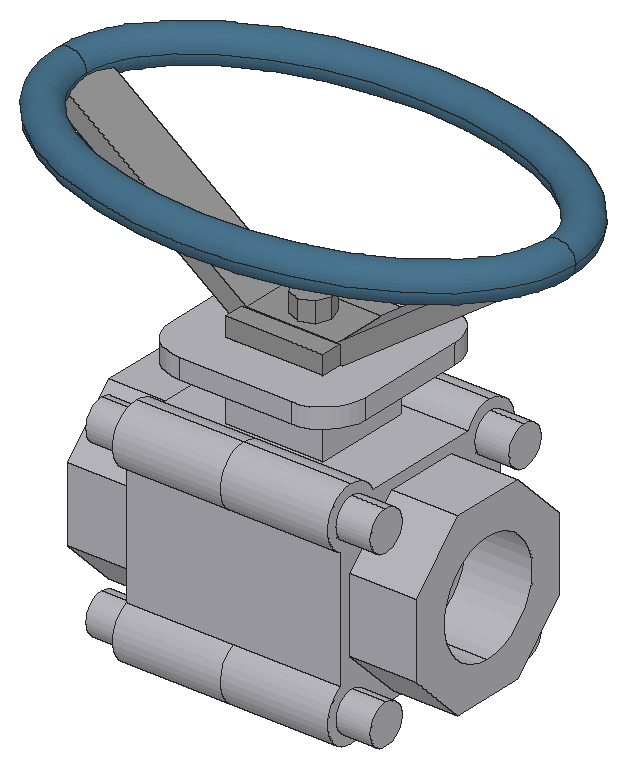
Revit family "320AOH-Ball-Valve", category Pipe Accessories, Revit 2018
Family settings
  Round Connector Dimension = Use Diameter
  Part Type = Valve - Breaks Into
  OmniClass Number = 23.60.30.11.14
  OmniClass Title = Pipework Fittings
  Work Plane-Based = No
  Always vertical = Yes
  Cut with Voids When Loaded = No
  Shared = No
Parameters
  Z4 [instance] = size_lookup(LookupTable, "Z4", 0.000", Nominal Diameter)  # 0.920"
  Z3 [instance] = size_lookup(LookupTable, "Z3", 0.000", Nominal Diameter)  # 0.200"
  Weight [instance] = size_lookup(LookupTable, "Weight", "NA", Nominal Diameter)  # "4.59 lbs."
  URL = "http://www.fnw.com"
  Standards Lookup Table = "Standards"  # constant formula
  R3 [instance] = size_lookup(LookupTable, "R3", 0.000", Nominal Diameter)  # 1.24451"
  Product ID Handle [instance] = size_lookup(LookupTable, "ProductIDHandle", "NA", Nominal Diameter)  # "4448711"
  Product ID [instance] = size_lookup(LookupTable, "ProductID", "NA", Nominal Diameter)  # "4106062"
  Pipe Diameter [instance] = size_lookup(Standards Lookup Table, "copper", 0.000", Nominal Diameter)  # 1.125"
  Pins [instance] = Lm / 2  # 0.880"
  Pin Length [instance] = X2 * 4 + X3  # 2.8824"
  Pin Diameter [instance] = size_lookup(LookupTable, "m", 0.000", Nominal Diameter)  # 0.400"
  Pin Bung [instance] = Pin Diameter * 1.5  # 0.600"
  Part Number Handle [instance] = size_lookup(LookupTable, "PartNumberHandle", "NA", Nominal Diameter)  # "FNW320AOHGH"
  Part Number [instance] = size_lookup(LookupTable, "PartNumber", "NA", Nominal Diameter)  # "FNW320AG"
  PIpe Radius [instance] = Pipe Diameter / 2  # 0.5625"
  NPT Insert [instance] = size_lookup(Standards Lookup Table, "NPT_insert", 0.000", Nominal Diameter)  # 0.6828"
  Manufacturer = "FNW"  # constant formula
  Lm [instance] = size_lookup(LookupTable, "lm", 0.000", Nominal Diameter)  # 1.760"
  Grip Pin4 [instance] = X3 / 2 + (X2 * 2)  # 1.4412"
  Gear [instance] = D3_Half - 0.063"  # 0.4295"
  Description BOM Handle [instance] = size_lookup(LookupTable, "Description_BOMHandle", "NA", Nominal Diameter)  # "1 - 1-1/4 OVAL Handle Kit 320A BV"
  Description BOM [instance] = size_lookup(LookupTable, "Description_BOM", "NA", Nominal Diameter)  # "1 Stainless Steel 2000# Threaded 3 Piece Full Port BV"
  Z2 [instance] = size_lookup(LookupTable, "Z2", 0.000", Nominal Diameter)  # 0.300"
  Z1 [instance] = size_lookup(LookupTable, "Z1", 0.000", Nominal Diameter)  # 1.290"
  X3 [instance] = size_lookup(LookupTable, "X3", 0.000", Nominal Diameter)  # 1.4664"
  X2 [instance] = size_lookup(LookupTable, "X2", 0.000", Nominal Diameter)  # 0.354"
  X1 [instance] = size_lookup(LookupTable, "X1", 0.000", Nominal Diameter)  # 0.6828"
  Show Lever Clearance [instance] = no
  R2 [instance] = size_lookup(LookupTable, "R2", 0.000", Nominal Diameter)  # 1.04451"
  R1_Diam [instance] = R1 * 2  # 1.810"
  R1 [instance] = size_lookup(LookupTable, "R1", 0.000", Nominal Diameter)  # 0.905"
  Nominal Radius [instance] = Nominal Diameter / 2  # 0.500"
  Nominal Diameter [instance] = 1.000"
  LookupTable = "320AOH-Ball-Valve"  # constant formula
  HexAngle1 [instance] = 135.00°
  D4 [instance] = size_lookup(LookupTable, "D4", 0.000", Nominal Diameter)  # 0.4375"
  D3_Half [instance] = D3 / 2  # 0.4925"
  D3 [instance] = size_lookup(LookupTable, "D3", 0.000", Nominal Diameter)  # 0.985"
  D2_Half [instance] = D2 / 2  # 0.73875"
  D2 [instance] = size_lookup(LookupTable, "D2", 0.000", Nominal Diameter)  # 1.4775"
  D1_Half [instance] = D1 / 2  # 0.985"
  D1 [instance] = size_lookup(LookupTable, "D1", 0.000", Nominal Diameter)  # 1.970"
  Body_W [instance] = Lm / 2 + 0.125"  # 1.005"
  3_Z3 [instance] = size_lookup(LookupTable, "3_Z3", 0.000", Nominal Diameter)  # 1.4525"
  3_Z1 [instance] = size_lookup(LookupTable, "3_Z1", 0.000", Nominal Diameter)  # 1.630"
  3_Y1 [instance] = size_lookup(LookupTable, "3_Y1", 0.000", Nominal Diameter)  # 2.990"
  3_X3 [instance] = size_lookup(LookupTable, "3_X3", 0.000", Nominal Diameter)  # 0.985"
  3_X1 [instance] = size_lookup(LookupTable, "3_X1", 0.000", Nominal Diameter)  # 4.960"
  3_L1 [instance] = size_lookup(LookupTable, "3_L1", 0.000", Nominal Diameter)  # 0.1875"
  3_D1 [instance] = size_lookup(LookupTable, "3_D1", 0.000", Nominal Diameter)  # 0.355"
Reference planes (in)
  plane 1 "Center (Front/Back)": y = 0
  plane 2: z = 0
  plane 3 "Center (Left/Right)": x = 0
  plane 4 "X7 End": x = -1.77
  plane 5: x = -0.7332
  plane 6: x = 0.7332
  plane 7: x = 1.77
  plane 8 "Pipe radius": z = 0.5625
  plane 9 "NPT": x = -1.0872
  plane 10: z = 0.905
  plane 11: z = 1.29
  plane 12: z = 1.59
  plane 13 "top of pad": z = 1.79
  plane 14: x = 1.0872
  plane 15: x = -1.0872
  plane 16: y = -0.88
  plane 17: z = -0.88
  plane 18: z = 0.88
  plane 19: y = 0.88
  plane 20: x = 10.098
  plane 21: x = -6.87
  plane 22: y = 2.5
  plane 23: y = -2.5
  plane 24: y = -0.88
  plane 25: z = -0.88
  plane 26: z = 0.88
  plane 27: y = 0.88
  plane 28: through (0, 0, 0) normal (0, 0.7071, -0.7071)
  plane 29: through (0, 0, 0) normal (0, 0.7071, 0.7071)
  plane 30: y = -0.88
  plane 31: y = 0.88
  plane 32: y = -1.465
  plane 33: z = -1.465
  plane 34: z = 1.465
  plane 35: y = 1.465
  plane 36 "Pin Plane": x = -1.4412
  plane 37 "NPT 3": x = 1.77
  plane 38: x = 1.4412
  plane 39: z = -1.27275
  plane 40 "LM": z = 1.27275
Forms (in)
  Extrusion 1, solid, material "Steel, Stainless", not visible
    sketch origin (-1.0872, 0, 0) x (0, 0, 1) y (0, -1, 0)
      loop
        circle (0, 0) r 0.5
    from 0 to 2.1744
  Extrusion 2, solid, material "Steel, Stainless"
    sketch origin (1.4276, 0, 0) x (0, 0, 1) y (0, -1, 0)
      loop
        line (-0.37486, -0.905) -> (0.37486, -0.905) -> (0.905, -0.37486) -> (0.905, 0.37486) -> (0.37486, 0.905) -> (-0.37486, 0.905) -> (-0.905, 0.37486) -> (-0.905, -0.37486) -> (-0.37486, -0.905)
      loop
        circle (0, 0) r 0.5625
    from -3.1976 to 0.3424
  Extrusion 3, solid, material "Steel, Stainless"
    sketch origin (0, 0, 0.865) x (-1, 0, 0) y (0, -1, 0)
      loop
        arc (0.56833, -0.985) -> (0.86296, -0.86296) -> (0.985, -0.56833) r 0.41667
        line (0.985, -0.56833) -> (0.985, 0.56833)
        arc (0.985, 0.56833) -> (0.86296, 0.86296) -> (0.56833, 0.985) r 0.41667
        line (0.56833, 0.985) -> (-0.56833, 0.985)
        arc (-0.56833, 0.985) -> (-0.86296, 0.86296) -> (-0.985, 0.56833) r 0.41667
        line (-0.985, 0.56833) -> (-0.985, -0.56833)
        arc (-0.985, -0.56833) -> (-0.86296, -0.86296) -> (-0.56833, -0.985) r 0.41667
        line (-0.56833, -0.985) -> (0.56833, -0.985)
      loop
        circle (0, 0) r 0.4925
      loop
        circle (0, 0) r 0.4295
    from 0.725 to 0.925
  Extrusion 4, solid, material "Steel, Stainless"
    sketch origin (0, 0, 0.865) x (-1, 0, 0) y (0, -1, 0)
      loop
        line (0.4925, -0.4925) -> (0.4925, 0.4925) -> (-0.4925, 0.4925) -> (-0.4925, -0.4925) -> (0.4925, -0.4925)
    from -0.3025 to 0.725
  Extrusion 5, solid, material "Steel, Stainless"
    sketch origin (0, 0, 0.865) x (-1, 0, 0) y (0, -1, 0)
      loop
        line (0.21875, -0.21875) -> (0.21875, 0.21875) -> (-0.21875, 0.21875) -> (-0.21875, -0.21875) -> (0.21875, -0.21875)
    from 0.425 to 0.925
  Extrusion 6, solid, material "Steel, Stainless"
    sketch origin (-1.0872, 0, 0) x (0, 0, 1) y (0, -1, 0)
      loop
        circle (0.88, 0.88) r 0.2
      loop
        circle (0.88, -0.88) r 0.2
      loop
        circle (-0.88, -0.88) r 0.2
      loop
        circle (-0.88, 0.88) r 0.2
    from -0.354 to 2.5284
  Extrusion 7, solid, material "Steel, Stainless"
    sketch origin (-1.0872, 0, 0) x (0, 0, 1) y (0, -1, 0)
      loop
        circle (0.88, -0.88) r 0.3
      loop
        circle (0.88, 0.88) r 0.3
      loop
        circle (-0.88, 0.88) r 0.3
      loop
        circle (-0.88, -0.88) r 0.3
    from 0 to 1.0872
  Extrusion 8, solid, material "Steel, Stainless"
    sketch origin (-1.0872, 0, 0) x (0, 0, 1) y (0, -1, 0)
      loop
        circle (0.88, -0.88) r 0.3
      loop
        circle (0.88, 0.88) r 0.3
      loop
        circle (-0.88, 0.88) r 0.3
      loop
        circle (-0.88, -0.88) r 0.3
    from 1.0872 to 2.1744
  Extrusion 9, solid, material "Steel, Stainless"
    sketch origin (-1.4412, 0, 0) x (0, 0, 1) y (0, -1, 0)
      loop
        line (1.005, -1.005) -> (1.005, 1.005) -> (-1.005, 1.005) -> (-1.005, -1.005) -> (1.005, -1.005)
    from 0.354 to 2.5284
Cuts and joins
  joined: Extrusion 7, Extrusion 8, Extrusion 9
Dimensions and locks (in)
  "PIpe Radius": plane 8 "Pipe radius" to plane 2
  "X1": plane 4 "X7 End" to plane 9 "NPT"
  "R1": Extrusion 2 sketch curve to plane 1 "Center (Front/Back)"
  "R1": plane 1 "Center (Front/Back)" to Extrusion 2 sketch curve  (x5)
  "R1": plane 2 to Extrusion 2 sketch curve  (x2)
  "R1": plane 10 to plane 2
  "Z1": plane 11 to plane 2
  "Z2": plane 12 to plane 11
  "Z3": plane 13 "top of pad" to plane 12
  "X2": plane 5 to plane 9 "NPT"
  "D1_Half": Extrusion 3 sketch curve to plane 3 "Center (Left/Right)"
  "D1_Half": plane 3 "Center (Left/Right)" to Extrusion 3 sketch curve
  "D1_Half": plane 1 "Center (Front/Back)" to Extrusion 3 sketch curve
  "D1_Half": Extrusion 3 sketch curve to plane 1 "Center (Front/Back)"
  "D3_Half": Extrusion 4 sketch curve to plane 3 "Center (Left/Right)"
  "D3_Half": plane 3 "Center (Left/Right)" to Extrusion 4 sketch curve
  "D3_Half": plane 1 "Center (Front/Back)" to Extrusion 4 sketch curve  (x2)
  "NPT Insert": plane 4 "X7 End" to plane 15
  equal spacing: Extrusion 5 sketch curve, plane 1 "Center (Front/Back)", Extrusion 5 sketch curve
  Extrusion 5 sketch curve to Extrusion 5 sketch curve = 0.4375"  (x2)
  equal spacing: Extrusion 5 sketch curve, plane 3 "Center (Left/Right)", Extrusion 5 sketch curve
  "Pins": plane 2 to plane 18
  "Pins": plane 2 to plane 17
  "Pins": plane 1 "Center (Front/Back)" to plane 16
  "Pins": plane 19 to plane 1 "Center (Front/Back)"
  equal spacing: plane 22, plane 1 "Center (Front/Back)", plane 23
  plane 22 to plane 23 = 5.000"
  "Pins": plane 27 to plane 1 "Center (Front/Back)" to plane 24
  "Pins": plane 25 to plane 2 to plane 26
  plane 31 to plane 30 = 1.760"
  equal spacing: plane 31, plane 1 "Center (Front/Back)", plane 30
  "Lm": plane 31 to plane 30
  plane 35 to plane 32 = 2.930"
  plane 33 to plane 34 = 2.930"
  "X2": plane 14 to plane 6
  "X2": plane 15 to plane 36 "Pin Plane"
  equal spacing: plane 6, plane 3 "Center (Left/Right)", plane 5
  "X3": plane 6 to plane 5
  "X1": plane 37 "NPT 3" to plane 14
  "Grip Pin4": Extrusion 6 to plane 3 "Center (Left/Right)"
  "X2": plane 38 to plane 14
  "NPT Insert": plane 7 to plane 14
  "Body_W": Extrusion 9 sketch curve to plane 2
  "Body_W": plane 1 "Center (Front/Back)" to Extrusion 9 sketch curve
  "Body_W": plane 2 to Extrusion 9 sketch curve
  "Body_W": Extrusion 9 sketch curve to plane 1 "Center (Front/Back)"
  "Nominal Radius": radius of Extrusion 1 sketch curve
  "PIpe Radius": radius of Extrusion 2 sketch curve
  radius of Extrusion 3 sketch curve = 0.41667"  (x4)
  "D3_Half": radius of Extrusion 3 sketch curve
  "Gear": radius of Extrusion 3 sketch curve
  "Pin Diameter": diameter of Extrusion 6 sketch curve  (x4)
  "Pin Bung": diameter of Extrusion 7 sketch curve  (x4)
  "Pin Bung": diameter of Extrusion 8 sketch curve  (x4)
  angle Extrusion 2 sketch curve to Extrusion 2 sketch curve = 135.00°  (x7)
  aligned and locked: plane 2 to level
  aligned and locked: plane 4 "X7 End" to Extrusion 2
  aligned and locked: Extrusion 3 to plane 12
  aligned and locked: plane 13 "top of pad" to Extrusion 3
  aligned and locked: Extrusion 4 to plane 8 "Pipe radius"
  aligned and locked: Extrusion 1 to plane 15
  aligned and locked: plane 12 to Extrusion 4
  aligned and locked: Extrusion 5 to plane 11
  aligned and locked: Extrusion 7 to plane 9 "NPT"
  aligned and locked: Extrusion 8 to Extrusion 1
  aligned and locked: plane 14 to Extrusion 8
  aligned and locked: Extrusion 2 to plane 37 "NPT 3"
  aligned and locked: plane 13 "top of pad" to Extrusion 5
  aligned and locked: Extrusion 6 to plane 36 "Pin Plane"
  aligned and locked: plane 3 "Center (Left/Right)" to Extrusion 7
  aligned and locked: Extrusion 8 to plane 3 "Center (Left/Right)"
  aligned and locked: Extrusion 9 to plane 9 "NPT"
  aligned and locked: Extrusion 9 to Extrusion 1
Automatic sketch dimensions
  Extrusion 1 sketch curve to level = 0.000"
  Extrusion 1 sketch curve to plane 1 "Center (Front/Back)" = 0.000"
  Extrusion 2 sketch curve to level = 0.000"
  Extrusion 2 sketch curve to plane 1 "Center (Front/Back)" = 0.000"
  Extrusion 3 sketch curve to Extrusion 3 sketch curve = 0.000"  (x2)
  plane 1 "Center (Front/Back)" to Extrusion 3 sketch curve = 0.000"
  Extrusion 3 sketch curve to plane 3 "Center (Left/Right)" = 0.000"
  Extrusion 6 sketch curve to plane 17 = 0.000"  (x2)
  Extrusion 6 sketch curve to plane 16 = 0.000"  (x2)
  plane 18 to Extrusion 6 sketch curve = 0.000"  (x2)
  Extrusion 6 sketch curve to plane 19 = 0.000"  (x2)
  Extrusion 7 sketch curve to plane 24 = 0.000"  (x2)
  Extrusion 7 sketch curve to plane 25 = 0.000"  (x2)
  plane 26 to Extrusion 7 sketch curve = 0.000"  (x2)
  Extrusion 7 sketch curve to plane 27 = 0.000"  (x2)
  plane 28 to Extrusion 8 sketch curve = 0.000"  (x2)
  Extrusion 8 sketch curve to plane 30 = 0.000"  (x2)
  plane 29 to Extrusion 8 sketch curve = 0.000"  (x2)
  Extrusion 8 sketch curve to plane 31 = 0.000"  (x2)
Nested families (in)
  nested 1: "Oval Handle 320AOH" at (0, 0, 1.79) x (-1, 0, 0) z (0, 0, 1), 3_D1 <- "3_D1", 3_L1 <- "3_L1", 3_X1 <- "3_X1", 3_X3 <- "3_X3", 3_Y1 <- "3_Y1", 3_Z1 <- "3_Z1", 3_Z3 <- "3_Z3", D3 <- "D3", Z3 <- "Z3", Description BOM <- "Description BOM Handle", Part Number <- "Part Number Handle", Product ID <- "Product ID Handle", type "Oval Handle 320AOH"
    with b 2.480", a 1.35375", Z3 0.200", Show Lever Clearance yes, Product ID "4448711", Part Number "FNW320AOHGH", Description BOM "1 - 1-1/4 OVAL Handle Kit 320A BV", D3 0.985", Center of Oval Handle 1.54125", Angle Hex Head 135.00°, 3_Z3 1.4525", 3_Z2 0.125", 3_Z1 1.630", 3_Y1 2.990", 3_X3 0.985", 3_X1 4.960", 3_L1_Half 0.09375", 3_L1 0.1875", 3_D1_Radius 0.1775", 3_D1 0.355"
Connectors (in)
  piping at (-1.0872, 0, 0), diameter 1, driven by "Nominal Diameter"
    settings: on Extrusion 1, index 1, connector inside diameter 24", connector length 0.000", flow factor 0, pipe flow 0 GPM, pressure drop 0.00 psi, fitting loss kfactor 0, connector angle 0.00°, fixture units 0, engagement length 0.000", angle of deflection 0.00°, flow configuration 0, flow direction 0, fitting loss method 0, system type 7, joint type 0, gender type 0, connector reference index 2, connector utility 0, adjustable connector no, is connector primary yes, connector description ""
  piping at (1.0872, 0, 0), diameter 1, driven by "Nominal Diameter"
    settings: on Extrusion 1, index 2, connector inside diameter 24", connector length 0.000", flow factor 0, pipe flow 0 GPM, pressure drop 0.00 psi, fitting loss kfactor 0, connector angle 0.00°, fixture units 0, engagement length 0.000", angle of deflection 0.00°, flow configuration 0, flow direction 0, fitting loss method 0, system type 7, joint type 0, gender type 0, connector reference index 1, connector utility 0, adjustable connector no, is connector primary no, connector description ""
Definition of nested family "Oval Handle 320AOH"
  Parameters (values of type "Oval Handle 320A")
    b [instance] = [3_X1] / 2  # 2.105"
    a [instance] = Center of Oval Handle - [3_L1]  # 1.34375"
    Z3 [instance] = 0.14279"
    Product ID [instance] = ""
    Part Number [instance] = ""
    Description BOM [instance] = ""
    D3 [instance] = 0.27676"
    Center of Oval Handle [instance] = ([3_Z1] - [3_Z3]) / 2 + ([3_Z3])  # 1.46875"
    Angle 2 = 45.00°  # constant formula
    Show Lever Clearance [instance] = yes
    Default Elevation = 48.000"
    Angle Hex Head [instance] = 135.00°  # constant formula
    3_Z3 [instance] = 1.3125"
    3_Z2 [instance] = 0.125"
    3_Z1 [instance] = 1.625"
    3_Y1 [instance] = 2.800"
    3_X3 [instance] = 0.5625"
    3_X1 [instance] = 4.210"
    3_L1_Half [instance] = [3_L1] / 2  # 0.0625"
    3_L1 [instance] = 0.125"
    3_D1_Radius [instance] = [3_D1] / 2  # 0.1565"
    3_D1 [instance] = 0.313"
  Reference planes (in)
    plane 1 "Center (Front/Back)": y = 0
    plane 2: z = 0
    plane 3 "Center (Left/Right)": x = 0
    plane 4: y = 1
    plane 5: y = -1
    plane 6: y = 1.03125
    plane 7: y = -1.03125
    plane 8: x = -0.28125
    plane 9: x = 0.28125
    plane 10 "Z3_Base": z = 0.125
    plane 11: z = -0.125
    plane 12: z = 1.625
    plane 13: z = 1.3125
    plane 14: x = -2.105
    plane 15: x = 2.105
    plane 16: x = -1.28
    plane 17: x = 1.28
    plane 18: x = -0.15625
    plane 19: x = 0.21875
    plane 20: y = 1.4
    plane 21 "Center of Oval Side View": y = -1.4
    plane 22 "Centerline Oval Handle": z = 1.46875
    plane 23: y = 0.28125
    plane 24: y = -0.28125
    plane 25: z = 0.26779
  Forms (in)
    Extrusion 1, solid
      sketch origin (0, 0, 0) x (1, 0, 0) y (0, 1, 0)
        loop
          line (-48, 48) -> (-48, -48) -> (48, -48) -> (48, 48) -> (-48, 48)
      from 0 to -12
    Sweep 2, solid
      path origin (0, 0, 1.46875) x (0, -1, 0) y (1, 0, 0)
        loop
          spline (0, -2.105) -> (0.36235, -2.03327) -> (0.7, -1.82298) -> (0.98995, -1.48846) -> (1.21244, -1.0525) -> (1.3523, -0.54481) -> (1.4, 0) -> (1.3523, 0.54481) -> (1.21244, 1.0525) -> (0.98995, 1.48846) -> (0.7, 1.82298) -> (0.36235, 2.03327) -> (0, 2.105)
          spline (0, 2.105) -> (-0.36235, 2.03327) -> (-0.7, 1.82298) -> (-0.98995, 1.48846) -> (-1.21244, 1.0525) -> (-1.3523, 0.54481) -> (-1.4, 0) -> (-1.3523, -0.54481) -> (-1.21244, -1.0525) -> (-0.98995, -1.48846) -> (-0.7, -1.82298) -> (-0.36235, -2.03327) -> (0, -2.105)
      profile origin (0, 1.4, 1.46875) x (0, 1, 0) y (0, 0, 1)
        loop
          circle (0, 0) r 0.1565
    Extrusion 3, solid
      sketch origin (0, 0, 0) x (1, 0, 0) y (0, 0, 1)
        loop
          line (-0.28125, -0.125) -> (-0.15625, -0.125) -> (-0.15625, 0) -> (0.21875, 0) -> (0.21875, -0.125) -> (0.28125, -0.125) -> (0.28125, 0.125) -> (-0.28125, 0.125) -> (-0.28125, -0.125)
      from -0.28125 to 0.28125
    Sweep 4, solid
      path origin (0, 0, 0) x (1, 0, 0) y (0, 0, 1)
        loop
          line (-2.105, 1.46875) -> (-0.28125, 0.0625) -> (0.28125, 0.0625) -> (2.105, 1.46875)
      profile origin (-1.19312, 0, 0.76563) x (0.610628, 0, 0.791917) y (0, -1, 0)
        loop
          line (0.0625, -0.28125) -> (0.0625, 0.28124) -> (-0.0625, 0.28124) -> (-0.0625, -0.28125) -> (0.0625, -0.28125)
    Extrusion 5, solid
      sketch origin (0, 0, 1.46875) x (0, -1, 0) y (1, 0, 0)
        loop
          line (0.16939, 0) -> (0.11978, 0.11978) -> (0, 0.16939) -> (-0.11978, 0.11978) -> (-0.16939, 0) -> (-0.11978, -0.11978) -> (0, -0.16939) -> (0.11978, -0.11978) -> (0.16939, 0)
      from -1.34375 to -1.20096
  Lines and regions (in)
    reference lines
      curve 1: line (0, 0, 3.375) -> (0, 0, -1.625)
  Text (in)
    text "3_X1 -Center of Sweep" at (6.95247, 0, 9.12543), in view "Front"
    text "3_Y1 - Other view Left Oval Center" at (8.35736, 0, 8.09025), in view "Front"
  Dimensions and locks (in)
    equal spacing: plane 4, plane 1 "Center (Front/Back)", plane 5
    plane 4 to plane 5 = 2.000"
    plane 5 to plane 7 = 0.03125"
    plane 6 to plane 4 = 0.03125"
    equal spacing: plane 9, plane 3 "Center (Left/Right)", plane 8
    "3_X3": plane 9 to plane 8
    "3_L1": plane 10 "Z3_Base" to plane 2
    "3_Z2": plane 2 to plane 11
    "3_Z1": plane 12 to plane 2
    "3_Z3": plane 13 to plane 2
    equal spacing: plane 14, plane 3 "Center (Left/Right)", plane 15
    "3_X1": plane 14 to plane 15
    plane 14 to plane 16 = 0.825"
    plane 15 to plane 17 = 0.825"
    "3_L1": plane 18 to plane 8
    "3_L1_Half": plane 19 to plane 9
    equal spacing: plane 20, plane 1 "Center (Front/Back)", plane 21 "Center of Oval Side View"
    "3_Y1": plane 20 to plane 21 "Center of Oval Side View"
    "Center of Oval Handle": plane 22 "Centerline Oval Handle" to plane 2
    equal spacing: plane 23, plane 1 "Center (Front/Back)", plane 24
    "3_X3": plane 23 to plane 24
    equal spacing: Sweep 4 sketch curve, profile plane, Sweep 4 sketch curve
    "3_L1": Sweep 4 sketch curve to Sweep 4 sketch curve
    "3_L1_Half": Sweep 4 sketch curve to plane 2
    equal spacing: Extrusion 5 sketch curve, curve 1, Extrusion 5 sketch curve  (x4)
    "3_D1": Extrusion 5 sketch curve to Extrusion 5 sketch curve  (x4)
    "Z3": plane 25 to plane 10 "Z3_Base"
    "3_D1_Radius": radius of Sweep 2 sketch curve
    "Angle Hex Head": angle Extrusion 5 sketch curve to Extrusion 5 sketch curve  (x7)
    aligned and locked: plane 2 to Extrusion 1
    aligned and locked: level to Extrusion 1
    aligned and locked: curve 1 to plane 3 "Center (Left/Right)"
    aligned and locked: plane 20 to Sweep 2 sketch curve
    aligned and locked: plane 21 "Center of Oval Side View" to Sweep 2 sketch curve
    aligned and locked: plane 15 to Sweep 2 sketch curve
    aligned and locked: plane 14 to Sweep 2 sketch curve
    aligned and locked: plane 23 to Extrusion 3
    aligned and locked: Extrusion 3 to plane 24
    aligned and locked: plane 14 to Sweep 4 sketch curve
    aligned and locked: plane 22 "Centerline Oval Handle" to Sweep 4 sketch curve  (x2)
    aligned and locked: plane 15 to Sweep 4 sketch curve
    aligned and locked: plane 10 "Z3_Base" to Extrusion 5
    aligned and locked: Extrusion 5 to plane 25
  Automatic sketch dimensions
    Extrusion 1 sketch curve to Extrusion 1 sketch curve = 96.000"  (x2)
    curve 1 to level = 1.625"
    level to curve 1 = 3.375"
    Extrusion 3 sketch curve to plane 8 = 0.000"
    Extrusion 3 sketch curve to plane 11 = 0.000"  (x2)
    Extrusion 3 sketch curve to plane 18 = 0.000"
    Extrusion 3 sketch curve to level = 0.000"
    Extrusion 3 sketch curve to plane 19 = 0.000"
    Extrusion 3 sketch curve to plane 9 = 0.000"
    Extrusion 3 sketch curve to plane 10 "Z3_Base" = 0.000"
    plane 22 "Centerline Oval Handle" to Sweep 2 sketch curve = 0.000"
    Sweep 2 sketch curve to profile plane = 0.000"
    Sweep 4 sketch curve to plane 8 = 0.000"
    Sweep 4 sketch curve to plane 9 = 0.000"
    Sweep 4 sketch curve to plane 1 "Center (Front/Back)" = 0.28125"
    plane 1 "Center (Front/Back)" to Sweep 4 sketch curve = 0.28124"
    plane 1 "Center (Front/Back)" to Extrusion 5 sketch curve = 0.000"
